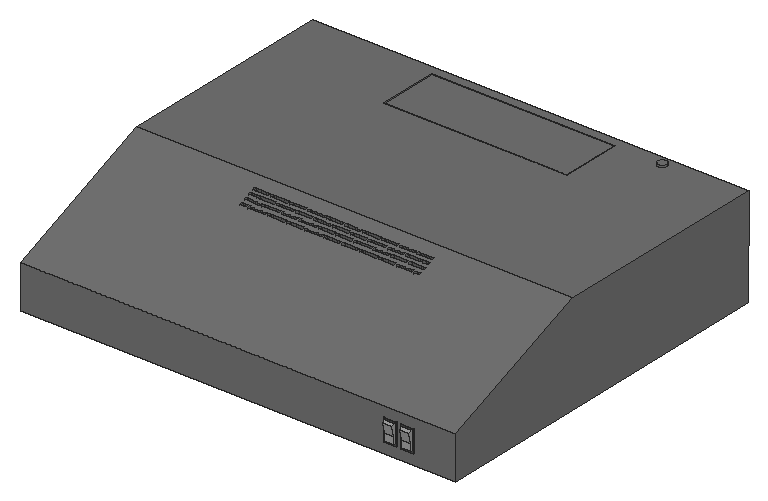
Revit family "Qf_Summit_HC24BB_Under Cabinet Convertible Range Hood", category Specialty Equipment, Revit 2020
Family settings
  Round Connector Dimension = Use Diameter
  Part Type = Normal
  Work Plane-Based = No
  Always vertical = Yes
  Cut with Voids When Loaded = No
  Shared = No
  Room Calculation Point = No
Parameters
  Weight in Pounds = 12
  Watts = if(Phase = 3, Volts * FL Amps * 1.73, Volts * FL Amps)  # 195.5 W
  Volts = 115 V
  URL Cutsheet = ""
  Specification by User = ""
  Specification by Manufacturer = ""
  Serial Number = ""
  Seismic Rating = ""
  SMACNA No = ""
  Revision Code = ""
  Phase = 1
  Number of Poles = 1
  NAFEM Spec ID Number = ""
  Model = "HC24BB"
  Min Ckt Ampacity = 0 A
  Max Overcurrent Protection = 0 A
  Masterspec = ""
  Manufacturer = "Summit"
  MU Air Volume = 200 CFM
  MU Air Vent Width = 0"
  MU Air Vent Diameter = 0"
  MU Air Vent Depth = 0"
  MU Air Static Press = 0.00 in-wg
  MU Air RI Height = 0"
  Length = 23.88"
  Item Number = ""
  Installed By = ""
  Identify Quantity as Lot = yes
  Height = 5 1/2"
  HP = ""
  Furnished By = ""
  Foodservice Equipment Identifier = yes
  FL Amps = 1.7 A
  Exhaust Volume = 0 CFM
  Exhaust Vent Width = 0"
  Exhaust Vent Diameter = 0"
  Exhaust Vent Depth = 0"
  Exhaust Static Press = 0.00 in-wg
  Exhaust RI Height = 0"
  Electrical Remarks = ""
  Electric Connection Type = ""
  Elec Conn RI Height = 0"
  Elec Conn Connection Height = 0"
  Description = "Under Cabinet Convertible Range Hood"
  Depth = 20"
  Default Elevation = 0"
  Cycle = 60 Hz
  Conn Plug = ""
  Conn Conduit = yes
  CSI MasterFormat = ""
  Apparent Power = if(Phase = 3, Volts * FL Amps * 1.73, Volts * FL Amps)  # 195.5 VA
Reference planes (in)
  plane 1 "BACK": y = 0
  plane 2: z = 0
  plane 3 "LEFT": x = 0
  plane 4 "RIGHT": x = 23.88
  plane 5 "FRONT": y = -20
  plane 6 "TOP": z = 5.5
  plane 7 "Center Y": x = 11.94
  plane 8 "Center X": y = -10
  plane 9: z = 2.375
  plane 10: y = -12
  plane 11: x = 6.315
  plane 12: x = 17.565
  plane 13: x = 19.565
  plane 14: y = -14
  plane 15: x = 1.5
  plane 16: x = 22.38
  plane 17: z = 5.25339
  plane 18: z = 4.76922
  plane 19: y = -0.5
  plane 20: y = -3.75
  plane 21: y = -7.25
  plane 22: x = 6.94
  plane 23: x = 16.94
Forms (in)
  Extrusion 1, solid, material "QF_Plastic_Dark_Grey"
    sketch origin (0, 0, 0) x (0, 1, 0) y (0, 0, 1)
      loop
        line (-20, 2.375) -> (-20, 0) -> (0, 0) -> (0, 5.5) -> (-12, 5.5) -> (-20, 2.375)
    from 0 to 1.5
  Extrusion 2, solid, material "QF_Plastic_Dark_Grey"
    sketch origin (0, 0, 0) x (0, 1, 0) y (0, 0, 1)
      loop
        line (0, 5.5) -> (-12, 5.5) -> (-20, 2.375) -> (-20, 0) -> (-14, 0) -> (-14, 4.18196) -> (-10.81598, 5.42572) -> (-0.5, 5.42572) -> (-0.5, 0) -> (0, 0) -> (0, 5.5)
    from 0 to 23.88
  Extrusion 3, solid, material "QF_Plastic_Dark_Grey"
    sketch origin (23.88, 0, 0) x (0, 1, 0) y (0, 0, -1)
      loop
        line (-20, -2.375) -> (-12, -5.5) -> (0, -5.5) -> (0, 0) -> (-20, 0) -> (-20, -2.375)
    from 0 to 1.5
  Extrusion 4, void
    sketch origin (0, -20, 2.375) x (0, -0.931457, -0.363851) y (-1, 0, 0)
      loop
        line (-7.90626, -7.01362) -> (-7.90626, -7.76633)
        arc (-7.90626, -7.76633) -> (-7.83306, -7.83953) -> (-7.75986, -7.76633) r 0.0732
        line (-7.75986, -7.76633) -> (-7.75986, -7.01362)
        arc (-7.75986, -7.01362) -> (-7.83306, -6.94042) -> (-7.90626, -7.01362) r 0.0732
      loop
        line (-7.59983, -7.01362) -> (-7.59983, -7.24289)
        arc (-7.59983, -7.24289) -> (-7.52663, -7.31609) -> (-7.45343, -7.24289) r 0.0732
        line (-7.45343, -7.24289) -> (-7.45343, -7.01362)
        arc (-7.45343, -7.01362) -> (-7.52663, -6.94042) -> (-7.59983, -7.01362) r 0.0732
      loop
        line (-7.28302, -7.01362) -> (-7.28302, -7.76633)
        arc (-7.28302, -7.76633) -> (-7.20982, -7.83953) -> (-7.13663, -7.76633) r 0.0732
        line (-7.13663, -7.76633) -> (-7.13663, -7.01362)
        arc (-7.13663, -7.01362) -> (-7.20982, -6.94042) -> (-7.28302, -7.01362) r 0.0732
      loop
        line (-6.9465, -7.01362) -> (-6.9465, -7.24289)
        arc (-6.9465, -7.24289) -> (-6.8733, -7.31609) -> (-6.8001, -7.24289) r 0.0732
        line (-6.8001, -7.24289) -> (-6.8001, -7.01362)
        arc (-6.8001, -7.01362) -> (-6.8733, -6.94042) -> (-6.9465, -7.01362) r 0.0732
      loop
        line (-7.90626, -7.96555) -> (-7.90626, -8.82763)
        arc (-7.90626, -8.82763) -> (-7.83306, -8.90083) -> (-7.75986, -8.82763) r 0.0732
        line (-7.75986, -8.82763) -> (-7.75986, -7.96555)
        arc (-7.75986, -7.96555) -> (-7.83306, -7.89235) -> (-7.90626, -7.96555) r 0.0732
      loop
        line (-7.28302, -7.96555) -> (-7.28302, -8.82763)
        arc (-7.28302, -8.82763) -> (-7.20982, -8.90083) -> (-7.13663, -8.82763) r 0.0732
        line (-7.13663, -8.82763) -> (-7.13663, -7.96555)
        arc (-7.13663, -7.96555) -> (-7.20982, -7.89235) -> (-7.28302, -7.96555) r 0.0732
      loop
        line (-7.59983, -7.44954) -> (-7.59983, -8.31162)
        arc (-7.59983, -8.31162) -> (-7.52663, -8.38482) -> (-7.45343, -8.31162) r 0.0732
        line (-7.45343, -8.31162) -> (-7.45343, -7.44954)
        arc (-7.45343, -7.44954) -> (-7.52663, -7.37634) -> (-7.59983, -7.44954) r 0.0732
      loop
        line (-6.94931, -7.44954) -> (-6.94931, -8.31162)
        arc (-6.94931, -8.31162) -> (-6.87611, -8.38482) -> (-6.80291, -8.31162) r 0.0732
        line (-6.80291, -8.31162) -> (-6.80291, -7.44954)
        arc (-6.80291, -7.44954) -> (-6.87611, -7.37634) -> (-6.94931, -7.44954) r 0.0732
      loop
        line (-7.90626, -9.02338) -> (-7.90626, -9.77608)
        arc (-7.90626, -9.77608) -> (-7.83306, -9.84928) -> (-7.75986, -9.77608) r 0.0732
        line (-7.75986, -9.77608) -> (-7.75986, -9.02338)
        arc (-7.75986, -9.02338) -> (-7.83306, -8.95018) -> (-7.90626, -9.02338) r 0.0732
      loop
        line (-7.28302, -9.02338) -> (-7.28302, -9.77608)
        arc (-7.28302, -9.77608) -> (-7.20982, -9.84928) -> (-7.13663, -9.77608) r 0.0732
        line (-7.13663, -9.77608) -> (-7.13663, -9.02338)
        arc (-7.13663, -9.02338) -> (-7.20982, -8.95018) -> (-7.28302, -9.02338) r 0.0732
      loop
        line (-7.59983, -8.50736) -> (-7.59983, -9.36945)
        arc (-7.59983, -9.36945) -> (-7.52663, -9.44265) -> (-7.45343, -9.36945) r 0.0732
        line (-7.45343, -9.36945) -> (-7.45343, -8.50736)
        arc (-7.45343, -8.50736) -> (-7.52663, -8.43417) -> (-7.59983, -8.50736) r 0.0732
      loop
        line (-6.94931, -8.50736) -> (-6.94931, -9.36945)
        arc (-6.94931, -9.36945) -> (-6.87611, -9.44265) -> (-6.80291, -9.36945) r 0.0732
        line (-6.80291, -9.36945) -> (-6.80291, -8.50736)
        arc (-6.80291, -8.50736) -> (-6.87611, -8.43417) -> (-6.94931, -8.50736) r 0.0732
      loop
        line (-7.90626, -9.9968) -> (-7.90626, -10.85888)
        arc (-7.90626, -10.85888) -> (-7.83306, -10.93208) -> (-7.75986, -10.85888) r 0.0732
        line (-7.75986, -10.85888) -> (-7.75986, -9.9968)
        arc (-7.75986, -9.9968) -> (-7.83306, -9.9236) -> (-7.90626, -9.9968) r 0.0732
      loop
        line (-7.28302, -9.9968) -> (-7.28302, -10.85888)
        arc (-7.28302, -10.85888) -> (-7.20982, -10.93208) -> (-7.13663, -10.85888) r 0.0732
        line (-7.13663, -10.85888) -> (-7.13663, -9.9968)
        arc (-7.13663, -9.9968) -> (-7.20982, -9.9236) -> (-7.28302, -9.9968) r 0.0732
      loop
        line (-7.59983, -9.57454) -> (-7.59983, -10.34287)
        arc (-7.59983, -10.34287) -> (-7.52663, -10.41607) -> (-7.45343, -10.34287) r 0.0732
        line (-7.45343, -10.34287) -> (-7.45343, -9.57454)
        arc (-7.45343, -9.57454) -> (-7.52663, -9.50134) -> (-7.59983, -9.57454) r 0.0732
      loop
        line (-6.94931, -9.57454) -> (-6.94931, -10.34287)
        arc (-6.94931, -10.34287) -> (-6.87611, -10.41607) -> (-6.80291, -10.34287) r 0.0732
        line (-6.80291, -10.34287) -> (-6.80291, -9.57454)
        arc (-6.80291, -9.57454) -> (-6.87611, -9.50134) -> (-6.94931, -9.57454) r 0.0732
      loop
        line (-7.90626, -11.05463) -> (-7.90626, -11.80733)
        arc (-7.90626, -11.80733) -> (-7.83306, -11.88053) -> (-7.75986, -11.80733) r 0.0732
        line (-7.75986, -11.80733) -> (-7.75986, -11.05463)
        arc (-7.75986, -11.05463) -> (-7.83306, -10.98143) -> (-7.90626, -11.05463) r 0.0732
      loop
        line (-7.28302, -11.05463) -> (-7.28302, -11.80733)
        arc (-7.28302, -11.80733) -> (-7.20982, -11.88053) -> (-7.13663, -11.80733) r 0.0732
        line (-7.13663, -11.80733) -> (-7.13663, -11.05463)
        arc (-7.13663, -11.05463) -> (-7.20982, -10.98143) -> (-7.28302, -11.05463) r 0.0732
      loop
        line (-7.59983, -10.53861) -> (-7.59983, -11.4007)
        arc (-7.59983, -11.4007) -> (-7.52663, -11.4739) -> (-7.45343, -11.4007) r 0.0732
        line (-7.45343, -11.4007) -> (-7.45343, -10.53861)
        arc (-7.45343, -10.53861) -> (-7.52663, -10.46542) -> (-7.59983, -10.53861) r 0.0732
      loop
        line (-6.94931, -10.53861) -> (-6.94931, -11.4007)
        arc (-6.94931, -11.4007) -> (-6.87611, -11.4739) -> (-6.80291, -11.4007) r 0.0732
        line (-6.80291, -11.4007) -> (-6.80291, -10.53861)
        arc (-6.80291, -10.53861) -> (-6.87611, -10.46542) -> (-6.94931, -10.53861) r 0.0732
      loop
        line (-7.90626, -12.02338) -> (-7.90626, -12.77608)
        arc (-7.90626, -12.77608) -> (-7.83306, -12.84928) -> (-7.75986, -12.77608) r 0.0732
        line (-7.75986, -12.77608) -> (-7.75986, -12.02338)
        arc (-7.75986, -12.02338) -> (-7.83306, -11.95018) -> (-7.90626, -12.02338) r 0.0732
      loop
        line (-7.28302, -12.02338) -> (-7.28302, -12.77608)
        arc (-7.28302, -12.77608) -> (-7.20982, -12.84928) -> (-7.13663, -12.77608) r 0.0732
        line (-7.13663, -12.77608) -> (-7.13663, -12.02338)
        arc (-7.13663, -12.02338) -> (-7.20982, -11.95018) -> (-7.28302, -12.02338) r 0.0732
      loop
        line (-7.59983, -11.61674) -> (-7.59983, -12.36945)
        arc (-7.59983, -12.36945) -> (-7.52663, -12.44265) -> (-7.45343, -12.36945) r 0.0732
        line (-7.45343, -12.36945) -> (-7.45343, -11.61674)
        arc (-7.45343, -11.61674) -> (-7.52663, -11.54354) -> (-7.59983, -11.61674) r 0.0732
      loop
        line (-6.94931, -11.61674) -> (-6.94931, -12.36945)
        arc (-6.94931, -12.36945) -> (-6.87611, -12.44265) -> (-6.80291, -12.36945) r 0.0732
        line (-6.80291, -12.36945) -> (-6.80291, -11.61674)
        arc (-6.80291, -11.61674) -> (-6.87611, -11.54354) -> (-6.94931, -11.61674) r 0.0732
      loop
        line (-7.90626, -12.9968) -> (-7.90626, -13.85888)
        arc (-7.90626, -13.85888) -> (-7.83306, -13.93208) -> (-7.75986, -13.85888) r 0.0732
        line (-7.75986, -13.85888) -> (-7.75986, -12.9968)
        arc (-7.75986, -12.9968) -> (-7.83306, -12.9236) -> (-7.90626, -12.9968) r 0.0732
      loop
        line (-7.28302, -12.9968) -> (-7.28302, -13.85888)
        arc (-7.28302, -13.85888) -> (-7.20982, -13.93208) -> (-7.13663, -13.85888) r 0.0732
        line (-7.13663, -13.85888) -> (-7.13663, -12.9968)
        arc (-7.13663, -12.9968) -> (-7.20982, -12.9236) -> (-7.28302, -12.9968) r 0.0732
      loop
        line (-7.59983, -12.57454) -> (-7.59983, -13.34287)
        arc (-7.59983, -13.34287) -> (-7.52663, -13.41607) -> (-7.45343, -13.34287) r 0.0732
        line (-7.45343, -13.34287) -> (-7.45343, -12.57454)
        arc (-7.45343, -12.57454) -> (-7.52663, -12.50134) -> (-7.59983, -12.57454) r 0.0732
      loop
        line (-6.94931, -12.57454) -> (-6.94931, -13.34287)
        arc (-6.94931, -13.34287) -> (-6.87611, -13.41607) -> (-6.80291, -13.34287) r 0.0732
        line (-6.80291, -13.34287) -> (-6.80291, -12.57454)
        arc (-6.80291, -12.57454) -> (-6.87611, -12.50134) -> (-6.94931, -12.57454) r 0.0732
      loop
        line (-7.90626, -14.05463) -> (-7.90626, -14.80733)
        arc (-7.90626, -14.80733) -> (-7.83306, -14.88053) -> (-7.75986, -14.80733) r 0.0732
        line (-7.75986, -14.80733) -> (-7.75986, -14.05463)
        arc (-7.75986, -14.05463) -> (-7.83306, -13.98143) -> (-7.90626, -14.05463) r 0.0732
      loop
        line (-7.28302, -14.05463) -> (-7.28302, -14.80733)
        arc (-7.28302, -14.80733) -> (-7.20982, -14.88053) -> (-7.13663, -14.80733) r 0.0732
        line (-7.13663, -14.80733) -> (-7.13663, -14.05463)
        arc (-7.13663, -14.05463) -> (-7.20982, -13.98143) -> (-7.28302, -14.05463) r 0.0732
      loop
        line (-7.59983, -13.53861) -> (-7.59983, -14.4007)
        arc (-7.59983, -14.4007) -> (-7.52663, -14.4739) -> (-7.45343, -14.4007) r 0.0732
        line (-7.45343, -14.4007) -> (-7.45343, -13.53861)
        arc (-7.45343, -13.53861) -> (-7.52663, -13.46542) -> (-7.59983, -13.53861) r 0.0732
      loop
        line (-6.94931, -13.53861) -> (-6.94931, -14.4007)
        arc (-6.94931, -14.4007) -> (-6.87611, -14.4739) -> (-6.80291, -14.4007) r 0.0732
        line (-6.80291, -14.4007) -> (-6.80291, -13.53861)
        arc (-6.80291, -13.53861) -> (-6.87611, -13.46542) -> (-6.94931, -13.53861) r 0.0732
      loop
        line (-7.90626, -15.02338) -> (-7.90626, -15.77608)
        arc (-7.90626, -15.77608) -> (-7.83306, -15.84928) -> (-7.75986, -15.77608) r 0.0732
        line (-7.75986, -15.77608) -> (-7.75986, -15.02338)
        arc (-7.75986, -15.02338) -> (-7.83306, -14.95018) -> (-7.90626, -15.02338) r 0.0732
      loop
        line (-7.28302, -15.02338) -> (-7.28302, -15.77608)
        arc (-7.28302, -15.77608) -> (-7.20982, -15.84928) -> (-7.13663, -15.77608) r 0.0732
        line (-7.13663, -15.77608) -> (-7.13663, -15.02338)
        arc (-7.13663, -15.02338) -> (-7.20982, -14.95018) -> (-7.28302, -15.02338) r 0.0732
      loop
        line (-7.59983, -14.62665) -> (-7.59983, -15.36945)
        arc (-7.59983, -15.36945) -> (-7.52663, -15.44265) -> (-7.45343, -15.36945) r 0.0732
        line (-7.45343, -15.36945) -> (-7.45343, -14.62665)
        arc (-7.45343, -14.62665) -> (-7.52663, -14.55345) -> (-7.59983, -14.62665) r 0.0732
      loop
        line (-6.94931, -14.6001) -> (-6.94931, -15.36945)
        arc (-6.94931, -15.36945) -> (-6.87611, -15.44265) -> (-6.80291, -15.36945) r 0.0732
        line (-6.80291, -15.36945) -> (-6.80291, -14.6001)
        arc (-6.80291, -14.6001) -> (-6.87611, -14.5269) -> (-6.94931, -14.6001) r 0.0732
      loop
        line (-7.59983, -15.57454) -> (-7.59983, -16.34287)
        arc (-7.59983, -16.34287) -> (-7.52663, -16.41607) -> (-7.45343, -16.34287) r 0.0732
        line (-7.45343, -16.34287) -> (-7.45343, -15.57454)
        arc (-7.45343, -15.57454) -> (-7.52663, -15.50134) -> (-7.59983, -15.57454) r 0.0732
      loop
        line (-6.94931, -15.57454) -> (-6.94931, -16.34287)
        arc (-6.94931, -16.34287) -> (-6.87611, -16.41607) -> (-6.80291, -16.34287) r 0.0732
        line (-6.80291, -16.34287) -> (-6.80291, -15.57454)
        arc (-6.80291, -15.57454) -> (-6.87611, -15.50134) -> (-6.94931, -15.57454) r 0.0732
      loop
        line (-7.90626, -15.99213) -> (-7.90626, -16.74483)
        arc (-7.90626, -16.74483) -> (-7.83306, -16.81803) -> (-7.75986, -16.74483) r 0.0732
        line (-7.75986, -16.74483) -> (-7.75986, -15.99213)
        arc (-7.75986, -15.99213) -> (-7.83306, -15.91893) -> (-7.90626, -15.99213) r 0.0732
      loop
        line (-7.28302, -15.99213) -> (-7.28302, -16.74483)
        arc (-7.28302, -16.74483) -> (-7.20982, -16.81803) -> (-7.13663, -16.74483) r 0.0732
        line (-7.13663, -16.74483) -> (-7.13663, -15.99213)
        arc (-7.13663, -15.99213) -> (-7.20982, -15.91893) -> (-7.28302, -15.99213) r 0.0732
      loop
        line (-7.59983, -16.54576) -> (-7.59983, -16.75159)
        arc (-7.59983, -16.75159) -> (-7.52663, -16.82479) -> (-7.45343, -16.75159) r 0.0732
        line (-7.45343, -16.75159) -> (-7.45343, -16.54576)
        arc (-7.45343, -16.54576) -> (-7.52663, -16.47256) -> (-7.59983, -16.54576) r 0.0732
      loop
        line (-6.94931, -16.54576) -> (-6.94931, -16.75159)
        arc (-6.94931, -16.75159) -> (-6.87611, -16.82479) -> (-6.80291, -16.75159) r 0.0732
        line (-6.80291, -16.75159) -> (-6.80291, -16.54576)
        arc (-6.80291, -16.54576) -> (-6.87611, -16.47256) -> (-6.94931, -16.54576) r 0.0732
    from 0 to 0.5
  Extrusion 5, solid, material "QF_Plastic_Dark_Grey"
    sketch origin (0, 0, 0) x (1, 0, 0) y (0, 1, 0)
      loop
        arc (8.44, -3.75) -> (11.94, -7.25) -> (15.44, -3.75) r 3.5
        line (15.44, -3.75) -> (8.44, -3.75)
    from 2.375 to 5.42572
  Extrusion 6, solid, material "QF_Plastic_Dark_Grey"
    sketch origin (0, 0, 0) x (1, 0, 0) y (0, 1, 0)
      loop
        line (6.94, -0.5) -> (6.94, -3.75) -> (16.94, -3.75) -> (16.94, -0.5) -> (6.94, -0.5)
      loop
        line (7.19, -3.5) -> (16.69, -3.5) -> (16.69, -0.75) -> (7.19, -0.75) -> (7.19, -3.5)
    from 2.375 to 5.42572
  Extrusion 7, solid, material "QF_Plastic_Dark_Grey"
    sketch origin (0, 0, 0) x (1, 0, 0) y (0, 1, 0)
      loop
        line (6.315, -0.5) -> (6.315, -14) -> (17.565, -14) -> (17.565, -0.5) -> (6.315, -0.5)
      loop
        line (6.565, -13.75) -> (17.315, -13.75) -> (17.315, -0.75) -> (6.565, -0.75) -> (6.565, -13.75)
    from 2.375 to 5
  Extrusion 8, void
    sketch origin (23.88, 0, 0) x (0, -1, 0) y (0, 0, 1)
      loop
        line (10.81598, 5.42572) -> (14, 4.18196) -> (14.15581, 4.18196) -> (14.15581, 5.58943) -> (10.81598, 5.58943) -> (10.81598, 5.42572)
    from 6.315 to 17.565
  Extrusion 9, void
    sketch origin (0, 0, 2.375) x (1, 0, 0) y (0, 1, 0)
      loop
        line (16.94, -3.75) -> (16.94, -0.5) -> (6.94, -0.5) -> (6.94, -3.75) -> (16.94, -3.75)
    from 3.05072 to 3.125
  Extrusion 10, solid, material "QF_Plastic_Dark_Grey"
    sketch origin (0, -12, 5.5) x (0, 1, 0) y (-1, 0, 0)
      loop
        line (8.25, -6.94) -> (8.25, -16.94) -> (11.5, -16.94) -> (11.5, -6.94) -> (8.25, -6.94)
    from 0 to -0.07428
  Extrusion 11, solid, material "QF_Plastic_Dark_Grey"
    sketch origin (0, 0, 0) x (1, 0, 0) y (0, 1, 0)
      loop
        circle (19.565, -0.5) r 0.25
    from 5.5 to 5.57173
  Extrusion 12, solid, material "QF_Plastic_Epoxy_Black"
    sketch origin (0, -20, 0) x (0, 0, 1) y (-1, 0, 0)
      loop
        line (1.78125, -21.57157) -> (1.78125, -20.86312) -> (0.59375, -20.86312) -> (0.59375, -21.57157) -> (1.78125, -21.57157)
      loop
        line (1.78125, -20.63407) -> (1.78125, -19.92562) -> (0.59375, -19.92562) -> (0.59375, -20.63407) -> (1.78125, -20.63407)
    from 0 to 0.04539
  Extrusion 13, solid, material "QF_Plastic_Gray"
    sketch origin (24.70813, 0, 0) x (0, 1, 0) y (0, 0, 1)
      loop
        line (-20.04539, 1.70684) -> (-20.22258, 1.62421) -> (-20.09635, 1.07743) -> (-20.09635, 0.69669) -> (-20.04539, 0.69669) -> (-20.04539, 1.70684)
    from -3.74849 to -3.22316
  Extrusion 14, solid, material "QF_Plastic_Gray"
    sketch origin (23.77062, 0, 0) x (0, 1, 0) y (0, 0, 1)
      loop
        line (-20.04539, 1.70684) -> (-20.22258, 1.62421) -> (-20.09635, 1.07743) -> (-20.09635, 0.69669) -> (-20.04539, 0.69669) -> (-20.04539, 1.70684)
    from -3.74849 to -3.22316
Cuts and joins
  Extrusion 4, Extrusion 8, Extrusion 9 cuts Extrusion 1
  Extrusion 4, Extrusion 9 cuts Extrusion 2
  Extrusion 4, Extrusion 8, Extrusion 9 cuts Extrusion 3
  Extrusion 9 cuts Extrusion 6
  Extrusion 8, Extrusion 9 cuts Extrusion 7
  joined: Extrusion 1, Extrusion 2, Extrusion 3, Extrusion 5, Extrusion 6, Extrusion 7
Lines and regions (in)
  symbolic lines
    curve 1: line (0, 0, 0) -> (0, -20, 0)
    curve 2: line (0, -12, 0) -> (23.88, -12, 0)
    curve 3: line (23.88, -20, 0) -> (23.88, 0, 0)
    curve 4: line (23.88, 0, 0) -> (0, 0, 0)
    curve 5: line (0, -20, 0) -> (23.88, -20, 0)
    curve 6: line (7.01362, -12.63566, 0) -> (7.76633, -12.63566, 0)
    curve 7: spline (7.76633, -12.63566, 0) -> (7.78527, -12.63798, 0) -> (7.80293, -12.6448, 0) -> (7.81809, -12.65563, 0) -> (7.82972, -12.66975, 0) -> (7.83703, -12.6862, 0) -> (7.83953, -12.70384, 0) -> (7.83703, -12.72149, 0) -> (7.82972, -12.73793, 0) -> (7.81809, -12.75205, 0) -> (7.80293, -12.76289, 0) -> (7.78527, -12.7697, 0) -> (7.76633, -12.77202, 0)
    curve 8: line (7.76633, -12.77202, 0) -> (7.01362, -12.77202, 0)
    curve 9: spline (7.01362, -12.77202, 0) -> (6.99468, -12.7697, 0) -> (6.97702, -12.76289, 0) -> (6.96186, -12.75205, 0) -> (6.95023, -12.73793, 0) -> (6.94292, -12.72149, 0) -> (6.94042, -12.70384, 0) -> (6.94292, -12.6862, 0) -> (6.95023, -12.66975, 0) -> (6.96186, -12.65563, 0) -> (6.97702, -12.6448, 0) -> (6.99468, -12.63798, 0) -> (7.01362, -12.63566, 0)
    curve 10: spline (7.24289, -12.92108, 0) -> (7.26184, -12.9234, 0) -> (7.27949, -12.93022, 0) -> (7.29465, -12.94105, 0) -> (7.30628, -12.95517, 0) -> (7.3136, -12.97162, 0) -> (7.31609, -12.98926, 0) -> (7.3136, -13.00691, 0) -> (7.30628, -13.02335, 0) -> (7.29465, -13.03747, 0) -> (7.27949, -13.04831, 0) -> (7.26184, -13.05512, 0) -> (7.24289, -13.05744, 0)
    curve 11: line (7.24289, -13.05744, 0) -> (7.01362, -13.05744, 0)
    curve 12: spline (7.01362, -13.05744, 0) -> (6.99468, -13.05512, 0) -> (6.97702, -13.04831, 0) -> (6.96186, -13.03747, 0) -> (6.95023, -13.02335, 0) -> (6.94292, -13.00691, 0) -> (6.94042, -12.98926, 0) -> (6.94292, -12.97162, 0) -> (6.95023, -12.95517, 0) -> (6.96186, -12.94105, 0) -> (6.97702, -12.93022, 0) -> (6.99468, -12.9234, 0) -> (7.01362, -12.92108, 0)
    curve 13: line (7.01362, -12.92108, 0) -> (7.24289, -12.92108, 0)
    curve 14: line (7.01362, -13.21617, 0) -> (7.76633, -13.21617, 0)
    curve 15: spline (7.76633, -13.21617, 0) -> (7.78527, -13.2185, 0) -> (7.80293, -13.22531, 0) -> (7.81809, -13.23614, 0) -> (7.82972, -13.25027, 0) -> (7.83703, -13.26671, 0) -> (7.83953, -13.28436, 0) -> (7.83703, -13.302, 0) -> (7.82972, -13.31845, 0) -> (7.81809, -13.33257, 0) -> (7.80293, -13.3434, 0) -> (7.78527, -13.35021, 0) -> (7.76633, -13.35254, 0)
    curve 16: line (7.76633, -13.35254, 0) -> (7.01362, -13.35254, 0)
    curve 17: spline (7.01362, -13.35254, 0) -> (6.99468, -13.35021, 0) -> (6.97702, -13.3434, 0) -> (6.96186, -13.33257, 0) -> (6.95023, -13.31845, 0) -> (6.94292, -13.302, 0) -> (6.94042, -13.28436, 0) -> (6.94292, -13.26671, 0) -> (6.95023, -13.25027, 0) -> (6.96186, -13.23614, 0) -> (6.97702, -13.22531, 0) -> (6.99468, -13.2185, 0) -> (7.01362, -13.21617, 0)
    curve 18: spline (7.24289, -13.52963, 0) -> (7.26184, -13.53196, 0) -> (7.27949, -13.53877, 0) -> (7.29465, -13.5496, 0) -> (7.30628, -13.56372, 0) -> (7.3136, -13.58017, 0) -> (7.31609, -13.59781, 0) -> (7.3136, -13.61546, 0) -> (7.30628, -13.6319, 0) -> (7.29465, -13.64603, 0) -> (7.27949, -13.65686, 0) -> (7.26184, -13.66367, 0) -> (7.24289, -13.666, 0)
    curve 19: line (7.24289, -13.666, 0) -> (7.01362, -13.666, 0)
    curve 20: spline (7.01362, -13.666, 0) -> (6.99468, -13.66367, 0) -> (6.97702, -13.65686, 0) -> (6.96186, -13.64603, 0) -> (6.95023, -13.6319, 0) -> (6.94292, -13.61546, 0) -> (6.94042, -13.59781, 0) -> (6.94292, -13.58017, 0) -> (6.95023, -13.56372, 0) -> (6.96186, -13.5496, 0) -> (6.97702, -13.53877, 0) -> (6.99468, -13.53196, 0) -> (7.01362, -13.52963, 0)
    curve 21: line (7.01362, -13.52963, 0) -> (7.24289, -13.52963, 0)
    curve 22: line (7.44954, -13.52702, 0) -> (8.31162, -13.52702, 0)
    curve 23: spline (8.31162, -13.52702, 0) -> (8.33056, -13.52934, 0) -> (8.34822, -13.53615, 0) -> (8.36338, -13.54699, 0) -> (8.37501, -13.56111, 0) -> (8.38232, -13.57755, 0) -> (8.38482, -13.5952, 0) -> (8.38232, -13.61285, 0) -> (8.37501, -13.62929, 0) -> (8.36338, -13.64341, 0) -> (8.34822, -13.65425, 0) -> (8.33056, -13.66106, 0) -> (8.31162, -13.66338, 0)
    curve 24: line (8.31162, -13.66338, 0) -> (7.44954, -13.66338, 0)
    curve 25: spline (7.44954, -13.66338, 0) -> (7.43059, -13.66106, 0) -> (7.41294, -13.65425, 0) -> (7.39778, -13.64341, 0) -> (7.38614, -13.62929, 0) -> (7.37883, -13.61285, 0) -> (7.37634, -13.5952, 0) -> (7.37883, -13.57755, 0) -> (7.38614, -13.56111, 0) -> (7.39778, -13.54699, 0) -> (7.41294, -13.53615, 0) -> (7.43059, -13.52934, 0) -> (7.44954, -13.52702, 0)
    curve 26: line (8.31162, -13.05744, 0) -> (7.44954, -13.05744, 0)
    curve 27: spline (7.44954, -13.05744, 0) -> (7.43059, -13.05512, 0) -> (7.41294, -13.04831, 0) -> (7.39778, -13.03747, 0) -> (7.38614, -13.02335, 0) -> (7.37883, -13.00691, 0) -> (7.37634, -12.98926, 0) -> (7.37883, -12.97162, 0) -> (7.38614, -12.95517, 0) -> (7.39778, -12.94105, 0) -> (7.41294, -12.93022, 0) -> (7.43059, -12.9234, 0) -> (7.44954, -12.92108, 0)
    curve 28: line (7.44954, -12.92108, 0) -> (8.31162, -12.92108, 0)
    curve 29: spline (8.31162, -12.92108, 0) -> (8.33056, -12.9234, 0) -> (8.34822, -12.93022, 0) -> (8.36338, -12.94105, 0) -> (8.37501, -12.95517, 0) -> (8.38232, -12.97162, 0) -> (8.38482, -12.98926, 0) -> (8.38232, -13.00691, 0) -> (8.37501, -13.02335, 0) -> (8.36338, -13.03747, 0) -> (8.34822, -13.04831, 0) -> (8.33056, -13.05512, 0) -> (8.31162, -13.05744, 0)
    curve 30: line (8.82763, -12.77202, 0) -> (7.96555, -12.77202, 0)
    curve 31: spline (7.96555, -12.77202, 0) -> (7.9466, -12.7697, 0) -> (7.92895, -12.76289, 0) -> (7.91379, -12.75205, 0) -> (7.90216, -12.73793, 0) -> (7.89484, -12.72149, 0) -> (7.89235, -12.70384, 0) -> (7.89484, -12.6862, 0) -> (7.90216, -12.66975, 0) -> (7.91379, -12.65563, 0) -> (7.92895, -12.6448, 0) -> (7.9466, -12.63798, 0) -> (7.96555, -12.63566, 0)
    curve 32: line (7.96555, -12.63566, 0) -> (8.82763, -12.63566, 0)
    curve 33: spline (8.82763, -12.63566, 0) -> (8.84657, -12.63798, 0) -> (8.86423, -12.6448, 0) -> (8.87939, -12.65563, 0) -> (8.89102, -12.66975, 0) -> (8.89833, -12.6862, 0) -> (8.90083, -12.70384, 0) -> (8.89833, -12.72149, 0) -> (8.89102, -12.73793, 0) -> (8.87939, -12.75205, 0) -> (8.86423, -12.76289, 0) -> (8.84657, -12.7697, 0) -> (8.82763, -12.77202, 0)
    curve 34: line (8.50736, -12.92108, 0) -> (9.36945, -12.92108, 0)
    curve 35: spline (9.36945, -12.92108, 0) -> (9.38839, -12.9234, 0) -> (9.40605, -12.93022, 0) -> (9.42121, -12.94105, 0) -> (9.43284, -12.95517, 0) -> (9.44015, -12.97162, 0) -> (9.44265, -12.98926, 0) -> (9.44015, -13.00691, 0) -> (9.43284, -13.02335, 0) -> (9.42121, -13.03747, 0) -> (9.40605, -13.04831, 0) -> (9.38839, -13.05512, 0) -> (9.36945, -13.05744, 0)
    curve 36: line (9.36945, -13.05744, 0) -> (8.50736, -13.05744, 0)
    curve 37: spline (8.50736, -13.05744, 0) -> (8.48842, -13.05512, 0) -> (8.47076, -13.04831, 0) -> (8.4556, -13.03747, 0) -> (8.44397, -13.02335, 0) -> (8.43666, -13.00691, 0) -> (8.43417, -12.98926, 0) -> (8.43666, -12.97162, 0) -> (8.44397, -12.95517, 0) -> (8.4556, -12.94105, 0) -> (8.47076, -12.93022, 0) -> (8.48842, -12.9234, 0) -> (8.50736, -12.92108, 0)
    curve 38: line (7.96555, -13.21617, 0) -> (8.82763, -13.21617, 0)
    curve 39: spline (8.82763, -13.21617, 0) -> (8.84657, -13.2185, 0) -> (8.86423, -13.22531, 0) -> (8.87939, -13.23614, 0) -> (8.89102, -13.25027, 0) -> (8.89833, -13.26671, 0) -> (8.90083, -13.28436, 0) -> (8.89833, -13.302, 0) -> (8.89102, -13.31845, 0) -> (8.87939, -13.33257, 0) -> (8.86423, -13.3434, 0) -> (8.84657, -13.35021, 0) -> (8.82763, -13.35254, 0)
    curve 40: line (8.82763, -13.35254, 0) -> (7.96555, -13.35254, 0)
    curve 41: spline (7.96555, -13.35254, 0) -> (7.9466, -13.35021, 0) -> (7.92895, -13.3434, 0) -> (7.91379, -13.33257, 0) -> (7.90216, -13.31845, 0) -> (7.89484, -13.302, 0) -> (7.89235, -13.28436, 0) -> (7.89484, -13.26671, 0) -> (7.90216, -13.25027, 0) -> (7.91379, -13.23614, 0) -> (7.92895, -13.22531, 0) -> (7.9466, -13.2185, 0) -> (7.96555, -13.21617, 0)
    curve 42: line (8.50736, -13.52702, 0) -> (9.36945, -13.52702, 0)
    curve 43: spline (9.36945, -13.52702, 0) -> (9.38839, -13.52934, 0) -> (9.40605, -13.53615, 0) -> (9.42121, -13.54699, 0) -> (9.43284, -13.56111, 0) -> (9.44015, -13.57755, 0) -> (9.44265, -13.5952, 0) -> (9.44015, -13.61285, 0) -> (9.43284, -13.62929, 0) -> (9.42121, -13.64341, 0) -> (9.40605, -13.65425, 0) -> (9.38839, -13.66106, 0) -> (9.36945, -13.66338, 0)
    curve 44: line (9.36945, -13.66338, 0) -> (8.50736, -13.66338, 0)
    curve 45: spline (8.50736, -13.66338, 0) -> (8.48842, -13.66106, 0) -> (8.47076, -13.65425, 0) -> (8.4556, -13.64341, 0) -> (8.44397, -13.62929, 0) -> (8.43666, -13.61285, 0) -> (8.43417, -13.5952, 0) -> (8.43666, -13.57755, 0) -> (8.44397, -13.56111, 0) -> (8.4556, -13.54699, 0) -> (8.47076, -13.53615, 0) -> (8.48842, -13.52934, 0) -> (8.50736, -13.52702, 0)
    curve 46: line (9.02338, -13.21617, 0) -> (9.77608, -13.21617, 0)
    curve 47: spline (9.77608, -13.21617, 0) -> (9.79503, -13.2185, 0) -> (9.81268, -13.22531, 0) -> (9.82784, -13.23614, 0) -> (9.83948, -13.25027, 0) -> (9.84679, -13.26671, 0) -> (9.84928, -13.28436, 0) -> (9.84679, -13.302, 0) -> (9.83948, -13.31845, 0) -> (9.82784, -13.33257, 0) -> (9.81268, -13.3434, 0) -> (9.79503, -13.35021, 0) -> (9.77608, -13.35254, 0)
    curve 48: line (9.77608, -13.35254, 0) -> (9.02338, -13.35254, 0)
    curve 49: spline (9.02338, -13.35254, 0) -> (9.00443, -13.35021, 0) -> (8.98678, -13.3434, 0) -> (8.97162, -13.33257, 0) -> (8.95998, -13.31845, 0) -> (8.95267, -13.302, 0) -> (8.95018, -13.28436, 0) -> (8.95267, -13.26671, 0) -> (8.95998, -13.25027, 0) -> (8.97162, -13.23614, 0) -> (8.98678, -13.22531, 0) -> (9.00443, -13.2185, 0) -> (9.02338, -13.21617, 0)
    curve 50: line (9.77608, -12.77202, 0) -> (9.02338, -12.77202, 0)
    curve 51: spline (9.02338, -12.77202, 0) -> (9.00443, -12.7697, 0) -> (8.98678, -12.76289, 0) -> (8.97162, -12.75205, 0) -> (8.95998, -12.73793, 0) -> (8.95267, -12.72149, 0) -> (8.95018, -12.70384, 0) -> (8.95267, -12.6862, 0) -> (8.95998, -12.66975, 0) -> (8.97162, -12.65563, 0) -> (8.98678, -12.6448, 0) -> (9.00443, -12.63798, 0) -> (9.02338, -12.63566, 0)
    curve 52: line (9.02338, -12.63566, 0) -> (9.77608, -12.63566, 0)
    curve 53: spline (9.77608, -12.63566, 0) -> (9.79503, -12.63798, 0) -> (9.81268, -12.6448, 0) -> (9.82784, -12.65563, 0) -> (9.83948, -12.66975, 0) -> (9.84679, -12.6862, 0) -> (9.84928, -12.70384, 0) -> (9.84679, -12.72149, 0) -> (9.83948, -12.73793, 0) -> (9.82784, -12.75205, 0) -> (9.81268, -12.76289, 0) -> (9.79503, -12.7697, 0) -> (9.77608, -12.77202, 0)
    curve 54: line (9.57454, -13.52702, 0) -> (10.34287, -13.52702, 0)
    curve 55: spline (10.34287, -13.52702, 0) -> (10.36181, -13.52934, 0) -> (10.37947, -13.53615, 0) -> (10.39463, -13.54699, 0) -> (10.40626, -13.56111, 0) -> (10.41357, -13.57755, 0) -> (10.41607, -13.5952, 0) -> (10.41357, -13.61285, 0) -> (10.40626, -13.62929, 0) -> (10.39463, -13.64341, 0) -> (10.37947, -13.65425, 0) -> (10.36181, -13.66106, 0) -> (10.34287, -13.66338, 0)
    curve 56: line (10.34287, -13.66338, 0) -> (9.57454, -13.66338, 0)
    curve 57: spline (9.57454, -13.66338, 0) -> (9.55559, -13.66106, 0) -> (9.53794, -13.65425, 0) -> (9.52278, -13.64341, 0) -> (9.51114, -13.62929, 0) -> (9.50383, -13.61285, 0) -> (9.50134, -13.5952, 0) -> (9.50383, -13.57755, 0) -> (9.51114, -13.56111, 0) -> (9.52278, -13.54699, 0) -> (9.53794, -13.53615, 0) -> (9.55559, -13.52934, 0) -> (9.57454, -13.52702, 0)
    curve 58: line (10.34287, -13.05744, 0) -> (9.57454, -13.05744, 0)
    curve 59: spline (9.57454, -13.05744, 0) -> (9.55559, -13.05512, 0) -> (9.53794, -13.04831, 0) -> (9.52278, -13.03747, 0) -> (9.51114, -13.02335, 0) -> (9.50383, -13.00691, 0) -> (9.50134, -12.98926, 0) -> (9.50383, -12.97162, 0) -> (9.51114, -12.95517, 0) -> (9.52278, -12.94105, 0) -> (9.53794, -12.93022, 0) -> (9.55559, -12.9234, 0) -> (9.57454, -12.92108, 0)
    curve 60: line (9.57454, -12.92108, 0) -> (10.34287, -12.92108, 0)
    curve 61: spline (10.34287, -12.92108, 0) -> (10.36181, -12.9234, 0) -> (10.37947, -12.93022, 0) -> (10.39463, -12.94105, 0) -> (10.40626, -12.95517, 0) -> (10.41357, -12.97162, 0) -> (10.41607, -12.98926, 0) -> (10.41357, -13.00691, 0) -> (10.40626, -13.02335, 0) -> (10.39463, -13.03747, 0) -> (10.37947, -13.04831, 0) -> (10.36181, -13.05512, 0) -> (10.34287, -13.05744, 0)
    curve 62: line (10.85888, -12.77202, 0) -> (9.9968, -12.77202, 0)
    curve 63: spline (9.9968, -12.77202, 0) -> (9.97785, -12.7697, 0) -> (9.9602, -12.76289, 0) -> (9.94504, -12.75205, 0) -> (9.93341, -12.73793, 0) -> (9.92609, -12.72149, 0) -> (9.9236, -12.70384, 0) -> (9.92609, -12.6862, 0) -> (9.93341, -12.66975, 0) -> (9.94504, -12.65563, 0) -> (9.9602, -12.6448, 0) -> (9.97785, -12.63798, 0) -> (9.9968, -12.63566, 0)
    curve 64: line (9.9968, -12.63566, 0) -> (10.85888, -12.63566, 0)
    curve 65: spline (10.85888, -12.63566, 0) -> (10.87782, -12.63798, 0) -> (10.89548, -12.6448, 0) -> (10.91064, -12.65563, 0) -> (10.92227, -12.66975, 0) -> (10.92958, -12.6862, 0) -> (10.93208, -12.70384, 0) -> (10.92958, -12.72149, 0) -> (10.92227, -12.73793, 0) -> (10.91064, -12.75205, 0) -> (10.89548, -12.76289, 0) -> (10.87782, -12.7697, 0) -> (10.85888, -12.77202, 0)
    curve 66: line (9.9968, -13.21617, 0) -> (10.85888, -13.21617, 0)
    curve 67: spline (10.85888, -13.21617, 0) -> (10.87782, -13.2185, 0) -> (10.89548, -13.22531, 0) -> (10.91064, -13.23614, 0) -> (10.92227, -13.25027, 0) -> (10.92958, -13.26671, 0) -> (10.93208, -13.28436, 0) -> (10.92958, -13.302, 0) -> (10.92227, -13.31845, 0) -> (10.91064, -13.33257, 0) -> (10.89548, -13.3434, 0) -> (10.87782, -13.35021, 0) -> (10.85888, -13.35254, 0)
    curve 68: line (10.85888, -13.35254, 0) -> (9.9968, -13.35254, 0)
    curve 69: spline (9.9968, -13.35254, 0) -> (9.97785, -13.35021, 0) -> (9.9602, -13.3434, 0) -> (9.94504, -13.33257, 0) -> (9.93341, -13.31845, 0) -> (9.92609, -13.302, 0) -> (9.9236, -13.28436, 0) -> (9.92609, -13.26671, 0) -> (9.93341, -13.25027, 0) -> (9.94504, -13.23614, 0) -> (9.9602, -13.22531, 0) -> (9.97785, -13.2185, 0) -> (9.9968, -13.21617, 0)
    curve 70: line (10.53861, -12.92108, 0) -> (11.4007, -12.92108, 0)
    curve 71: spline (11.4007, -12.92108, 0) -> (11.41964, -12.9234, 0) -> (11.4373, -12.93022, 0) -> (11.45246, -12.94105, 0) -> (11.46409, -12.95517, 0) -> (11.4714, -12.97162, 0) -> (11.4739, -12.98926, 0) -> (11.4714, -13.00691, 0) -> (11.46409, -13.02335, 0) -> (11.45246, -13.03747, 0) -> (11.4373, -13.04831, 0) -> (11.41964, -13.05512, 0) -> (11.4007, -13.05744, 0)
    curve 72: line (11.4007, -13.05744, 0) -> (10.53861, -13.05744, 0)
    curve 73: spline (10.53861, -13.05744, 0) -> (10.51967, -13.05512, 0) -> (10.50201, -13.04831, 0) -> (10.48685, -13.03747, 0) -> (10.47522, -13.02335, 0) -> (10.46791, -13.00691, 0) -> (10.46542, -12.98926, 0) -> (10.46791, -12.97162, 0) -> (10.47522, -12.95517, 0) -> (10.48685, -12.94105, 0) -> (10.50201, -12.93022, 0) -> (10.51967, -12.9234, 0) -> (10.53861, -12.92108, 0)
    curve 74: line (11.80733, -12.77202, 0) -> (11.05463, -12.77202, 0)
    curve 75: spline (11.05463, -12.77202, 0) -> (11.03568, -12.7697, 0) -> (11.01803, -12.76289, 0) -> (11.00287, -12.75205, 0) -> (10.99123, -12.73793, 0) -> (10.98392, -12.72149, 0) -> (10.98143, -12.70384, 0) -> (10.98392, -12.6862, 0) -> (10.99123, -12.66975, 0) -> (11.00287, -12.65563, 0) -> (11.01803, -12.6448, 0) -> (11.03568, -12.63798, 0) -> (11.05463, -12.63566, 0)
    curve 76: line (11.05463, -12.63566, 0) -> (11.80733, -12.63566, 0)
    curve 77: spline (11.80733, -12.63566, 0) -> (11.82628, -12.63798, 0) -> (11.84393, -12.6448, 0) -> (11.85909, -12.65563, 0) -> (11.87073, -12.66975, 0) -> (11.87804, -12.6862, 0) -> (11.88053, -12.70384, 0) -> (11.87804, -12.72149, 0) -> (11.87073, -12.73793, 0) -> (11.85909, -12.75205, 0) -> (11.84393, -12.76289, 0) -> (11.82628, -12.7697, 0) -> (11.80733, -12.77202, 0)
    curve 78: line (11.05463, -13.21617, 0) -> (11.80733, -13.21617, 0)
    curve 79: spline (11.80733, -13.21617, 0) -> (11.82628, -13.2185, 0) -> (11.84393, -13.22531, 0) -> (11.85909, -13.23614, 0) -> (11.87073, -13.25027, 0) -> (11.87804, -13.26671, 0) -> (11.88053, -13.28436, 0) -> (11.87804, -13.302, 0) -> (11.87073, -13.31845, 0) -> (11.85909, -13.33257, 0) -> (11.84393, -13.3434, 0) -> (11.82628, -13.35021, 0) -> (11.80733, -13.35254, 0)
    curve 80: line (11.80733, -13.35254, 0) -> (11.05463, -13.35254, 0)
    curve 81: spline (11.05463, -13.35254, 0) -> (11.03568, -13.35021, 0) -> (11.01803, -13.3434, 0) -> (11.00287, -13.33257, 0) -> (10.99123, -13.31845, 0) -> (10.98392, -13.302, 0) -> (10.98143, -13.28436, 0) -> (10.98392, -13.26671, 0) -> (10.99123, -13.25027, 0) -> (11.00287, -13.23614, 0) -> (11.01803, -13.22531, 0) -> (11.03568, -13.2185, 0) -> (11.05463, -13.21617, 0)
    curve 82: line (10.53861, -13.52702, 0) -> (11.4007, -13.52702, 0)
    curve 83: spline (11.4007, -13.52702, 0) -> (11.41964, -13.52934, 0) -> (11.4373, -13.53615, 0) -> (11.45246, -13.54699, 0) -> (11.46409, -13.56111, 0) -> (11.4714, -13.57755, 0) -> (11.4739, -13.5952, 0) -> (11.4714, -13.61285, 0) -> (11.46409, -13.62929, 0) -> (11.45246, -13.64341, 0) -> (11.4373, -13.65425, 0) -> (11.41964, -13.66106, 0) -> (11.4007, -13.66338, 0)
    curve 84: line (11.4007, -13.66338, 0) -> (10.53861, -13.66338, 0)
    curve 85: spline (10.53861, -13.66338, 0) -> (10.51967, -13.66106, 0) -> (10.50201, -13.65425, 0) -> (10.48685, -13.64341, 0) -> (10.47522, -13.62929, 0) -> (10.46791, -13.61285, 0) -> (10.46542, -13.5952, 0) -> (10.46791, -13.57755, 0) -> (10.47522, -13.56111, 0) -> (10.48685, -13.54699, 0) -> (10.50201, -13.53615, 0) -> (10.51967, -13.52934, 0) -> (10.53861, -13.52702, 0)
    curve 86: line (11.61674, -13.52702, 0) -> (12.36945, -13.52702, 0)
    curve 87: spline (12.36945, -13.52702, 0) -> (12.38839, -13.52934, 0) -> (12.40605, -13.53615, 0) -> (12.42121, -13.54699, 0) -> (12.43284, -13.56111, 0) -> (12.44015, -13.57755, 0) -> (12.44265, -13.5952, 0) -> (12.44015, -13.61285, 0) -> (12.43284, -13.62929, 0) -> (12.42121, -13.64341, 0) -> (12.40605, -13.65425, 0) -> (12.38839, -13.66106, 0) -> (12.36945, -13.66338, 0)
    curve 88: line (12.36945, -13.66338, 0) -> (11.61674, -13.66338, 0)
    curve 89: spline (11.61674, -13.66338, 0) -> (11.59779, -13.66106, 0) -> (11.58014, -13.65425, 0) -> (11.56498, -13.64341, 0) -> (11.55335, -13.62929, 0) -> (11.54603, -13.61285, 0) -> (11.54354, -13.5952, 0) -> (11.54603, -13.57755, 0) -> (11.55335, -13.56111, 0) -> (11.56498, -13.54699, 0) -> (11.58014, -13.53615, 0) -> (11.59779, -13.52934, 0) -> (11.61674, -13.52702, 0)
    curve 90: line (12.02338, -13.21617, 0) -> (12.77608, -13.21617, 0)
    curve 91: spline (12.77608, -13.21617, 0) -> (12.79503, -13.2185, 0) -> (12.81268, -13.22531, 0) -> (12.82784, -13.23614, 0) -> (12.83948, -13.25027, 0) -> (12.84679, -13.26671, 0) -> (12.84928, -13.28436, 0) -> (12.84679, -13.302, 0) -> (12.83948, -13.31845, 0) -> (12.82784, -13.33257, 0) -> (12.81268, -13.3434, 0) -> (12.79503, -13.35021, 0) -> (12.77608, -13.35254, 0)
    curve 92: line (12.77608, -13.35254, 0) -> (12.02338, -13.35254, 0)
    curve 93: spline (12.02338, -13.35254, 0) -> (12.00443, -13.35021, 0) -> (11.98678, -13.3434, 0) -> (11.97162, -13.33257, 0) -> (11.95998, -13.31845, 0) -> (11.95267, -13.302, 0) -> (11.95018, -13.28436, 0) -> (11.95267, -13.26671, 0) -> (11.95998, -13.25027, 0) -> (11.97162, -13.23614, 0) -> (11.98678, -13.22531, 0) -> (12.00443, -13.2185, 0) -> (12.02338, -13.21617, 0)
    curve 94: line (11.61674, -12.92108, 0) -> (12.36945, -12.92108, 0)
    curve 95: spline (12.36945, -12.92108, 0) -> (12.38839, -12.9234, 0) -> (12.40605, -12.93022, 0) -> (12.42121, -12.94105, 0) -> (12.43284, -12.95517, 0) -> (12.44015, -12.97162, 0) -> (12.44265, -12.98926, 0) -> (12.44015, -13.00691, 0) -> (12.43284, -13.02335, 0) -> (12.42121, -13.03747, 0) -> (12.40605, -13.04831, 0) -> (12.38839, -13.05512, 0) -> (12.36945, -13.05744, 0)
    curve 96: line (12.36945, -13.05744, 0) -> (11.61674, -13.05744, 0)
    curve 97: spline (11.61674, -13.05744, 0) -> (11.59779, -13.05512, 0) -> (11.58014, -13.04831, 0) -> (11.56498, -13.03747, 0) -> (11.55335, -13.02335, 0) -> (11.54603, -13.00691, 0) -> (11.54354, -12.98926, 0) -> (11.54603, -12.97162, 0) -> (11.55335, -12.95517, 0) -> (11.56498, -12.94105, 0) -> (11.58014, -12.93022, 0) -> (11.59779, -12.9234, 0) -> (11.61674, -12.92108, 0)
    curve 98: line (12.02338, -12.63566, 0) -> (12.77608, -12.63566, 0)
    curve 99: spline (12.77608, -12.63566, 0) -> (12.79503, -12.63798, 0) -> (12.81268, -12.6448, 0) -> (12.82784, -12.65563, 0) -> (12.83948, -12.66975, 0) -> (12.84679, -12.6862, 0) -> (12.84928, -12.70384, 0) -> (12.84679, -12.72149, 0) -> (12.83948, -12.73793, 0) -> (12.82784, -12.75205, 0) -> (12.81268, -12.76289, 0) -> (12.79503, -12.7697, 0) -> (12.77608, -12.77202, 0)
    curve 100: line (12.77608, -12.77202, 0) -> (12.02338, -12.77202, 0)
    curve 101: spline (12.02338, -12.77202, 0) -> (12.00443, -12.7697, 0) -> (11.98678, -12.76289, 0) -> (11.97162, -12.75205, 0) -> (11.95998, -12.73793, 0) -> (11.95267, -12.72149, 0) -> (11.95018, -12.70384, 0) -> (11.95267, -12.6862, 0) -> (11.95998, -12.66975, 0) -> (11.97162, -12.65563, 0) -> (11.98678, -12.6448, 0) -> (12.00443, -12.63798, 0) -> (12.02338, -12.63566, 0)
    curve 102: line (12.57454, -12.92108, 0) -> (13.34287, -12.92108, 0)
    curve 103: spline (13.34287, -12.92108, 0) -> (13.36181, -12.9234, 0) -> (13.37947, -12.93022, 0) -> (13.39463, -12.94105, 0) -> (13.40626, -12.95517, 0) -> (13.41357, -12.97162, 0) -> (13.41607, -12.98926, 0) -> (13.41357, -13.00691, 0) -> (13.40626, -13.02335, 0) -> (13.39463, -13.03747, 0) -> (13.37947, -13.04831, 0) -> (13.36181, -13.05512, 0) -> (13.34287, -13.05744, 0)
    curve 104: line (13.34287, -13.05744, 0) -> (12.57454, -13.05744, 0)
    curve 105: spline (12.57454, -13.05744, 0) -> (12.55559, -13.05512, 0) -> (12.53794, -13.04831, 0) -> (12.52278, -13.03747, 0) -> (12.51114, -13.02335, 0) -> (12.50383, -13.00691, 0) -> (12.50134, -12.98926, 0) -> (12.50383, -12.97162, 0) -> (12.51114, -12.95517, 0) -> (12.52278, -12.94105, 0) -> (12.53794, -12.93022, 0) -> (12.55559, -12.9234, 0) -> (12.57454, -12.92108, 0)
    curve 106: line (12.57454, -13.52702, 0) -> (13.34287, -13.52702, 0)
    curve 107: spline (13.34287, -13.52702, 0) -> (13.36181, -13.52934, 0) -> (13.37947, -13.53615, 0) -> (13.39463, -13.54699, 0) -> (13.40626, -13.56111, 0) -> (13.41357, -13.57755, 0) -> (13.41607, -13.5952, 0) -> (13.41357, -13.61285, 0) -> (13.40626, -13.62929, 0) -> (13.39463, -13.64341, 0) -> (13.37947, -13.65425, 0) -> (13.36181, -13.66106, 0) -> (13.34287, -13.66338, 0)
    curve 108: line (13.34287, -13.66338, 0) -> (12.57454, -13.66338, 0)
    curve 109: spline (12.57454, -13.66338, 0) -> (12.55559, -13.66106, 0) -> (12.53794, -13.65425, 0) -> (12.52278, -13.64341, 0) -> (12.51114, -13.62929, 0) -> (12.50383, -13.61285, 0) -> (12.50134, -13.5952, 0) -> (12.50383, -13.57755, 0) -> (12.51114, -13.56111, 0) -> (12.52278, -13.54699, 0) -> (12.53794, -13.53615, 0) -> (12.55559, -13.52934, 0) -> (12.57454, -13.52702, 0)
    curve 110: line (13.85888, -13.35254, 0) -> (12.9968, -13.35254, 0)
    curve 111: spline (12.9968, -13.35254, 0) -> (12.97785, -13.35021, 0) -> (12.9602, -13.3434, 0) -> (12.94504, -13.33257, 0) -> (12.93341, -13.31845, 0) -> (12.92609, -13.302, 0) -> (12.9236, -13.28436, 0) -> (12.92609, -13.26671, 0) -> (12.93341, -13.25027, 0) -> (12.94504, -13.23614, 0) -> (12.9602, -13.22531, 0) -> (12.97785, -13.2185, 0) -> (12.9968, -13.21617, 0)
    curve 112: line (12.9968, -13.21617, 0) -> (13.85888, -13.21617, 0)
    curve 113: spline (13.85888, -13.21617, 0) -> (13.87782, -13.2185, 0) -> (13.89548, -13.22531, 0) -> (13.91064, -13.23614, 0) -> (13.92227, -13.25027, 0) -> (13.92958, -13.26671, 0) -> (13.93208, -13.28436, 0) -> (13.92958, -13.302, 0) -> (13.92227, -13.31845, 0) -> (13.91064, -13.33257, 0) -> (13.89548, -13.3434, 0) -> (13.87782, -13.35021, 0) -> (13.85888, -13.35254, 0)
    curve 114: line (12.9968, -12.63566, 0) -> (13.85888, -12.63566, 0)
    curve 115: spline (13.85888, -12.63566, 0) -> (13.87782, -12.63798, 0) -> (13.89548, -12.6448, 0) -> (13.91064, -12.65563, 0) -> (13.92227, -12.66975, 0) -> (13.92958, -12.6862, 0) -> (13.93208, -12.70384, 0) -> (13.92958, -12.72149, 0) -> (13.92227, -12.73793, 0) -> (13.91064, -12.75205, 0) -> (13.89548, -12.76289, 0) -> (13.87782, -12.7697, 0) -> (13.85888, -12.77202, 0)
    curve 116: line (13.85888, -12.77202, 0) -> (12.9968, -12.77202, 0)
    curve 117: spline (12.9968, -12.77202, 0) -> (12.97785, -12.7697, 0) -> (12.9602, -12.76289, 0) -> (12.94504, -12.75205, 0) -> (12.93341, -12.73793, 0) -> (12.92609, -12.72149, 0) -> (12.9236, -12.70384, 0) -> (12.92609, -12.6862, 0) -> (12.93341, -12.66975, 0) -> (12.94504, -12.65563, 0) -> (12.9602, -12.6448, 0) -> (12.97785, -12.63798, 0) -> (12.9968, -12.63566, 0)
    curve 118: line (13.53861, -12.92108, 0) -> (14.4007, -12.92108, 0)
    curve 119: spline (14.4007, -12.92108, 0) -> (14.41964, -12.9234, 0) -> (14.4373, -12.93022, 0) -> (14.45246, -12.94105, 0) -> (14.46409, -12.95517, 0) -> (14.4714, -12.97162, 0) -> (14.4739, -12.98926, 0) -> (14.4714, -13.00691, 0) -> (14.46409, -13.02335, 0) -> (14.45246, -13.03747, 0) -> (14.4373, -13.04831, 0) -> (14.41964, -13.05512, 0) -> (14.4007, -13.05744, 0)
    curve 120: line (14.4007, -13.05744, 0) -> (13.53861, -13.05744, 0)
    curve 121: spline (13.53861, -13.05744, 0) -> (13.51967, -13.05512, 0) -> (13.50201, -13.04831, 0) -> (13.48685, -13.03747, 0) -> (13.47522, -13.02335, 0) -> (13.46791, -13.00691, 0) -> (13.46542, -12.98926, 0) -> (13.46791, -12.97162, 0) -> (13.47522, -12.95517, 0) -> (13.48685, -12.94105, 0) -> (13.50201, -12.93022, 0) -> (13.51967, -12.9234, 0) -> (13.53861, -12.92108, 0)
    curve 122: line (13.53861, -13.52702, 0) -> (14.4007, -13.52702, 0)
    curve 123: spline (14.4007, -13.52702, 0) -> (14.41964, -13.52934, 0) -> (14.4373, -13.53615, 0) -> (14.45246, -13.54699, 0) -> (14.46409, -13.56111, 0) -> (14.4714, -13.57755, 0) -> (14.4739, -13.5952, 0) -> (14.4714, -13.61285, 0) -> (14.46409, -13.62929, 0) -> (14.45246, -13.64341, 0) -> (14.4373, -13.65425, 0) -> (14.41964, -13.66106, 0) -> (14.4007, -13.66338, 0)
    curve 124: line (14.4007, -13.66338, 0) -> (13.53861, -13.66338, 0)
    curve 125: spline (13.53861, -13.66338, 0) -> (13.51967, -13.66106, 0) -> (13.50201, -13.65425, 0) -> (13.48685, -13.64341, 0) -> (13.47522, -13.62929, 0) -> (13.46791, -13.61285, 0) -> (13.46542, -13.5952, 0) -> (13.46791, -13.57755, 0) -> (13.47522, -13.56111, 0) -> (13.48685, -13.54699, 0) -> (13.50201, -13.53615, 0) -> (13.51967, -13.52934, 0) -> (13.53861, -13.52702, 0)
    curve 126: line (14.05463, -13.21617, 0) -> (14.80733, -13.21617, 0)
    curve 127: spline (14.80733, -13.21617, 0) -> (14.82628, -13.2185, 0) -> (14.84393, -13.22531, 0) -> (14.85909, -13.23614, 0) -> (14.87073, -13.25027, 0) -> (14.87804, -13.26671, 0) -> (14.88053, -13.28436, 0) -> (14.87804, -13.302, 0) -> (14.87073, -13.31845, 0) -> (14.85909, -13.33257, 0) -> (14.84393, -13.3434, 0) -> (14.82628, -13.35021, 0) -> (14.80733, -13.35254, 0)
    curve 128: line (14.80733, -13.35254, 0) -> (14.05463, -13.35254, 0)
    curve 129: spline (14.05463, -13.35254, 0) -> (14.03568, -13.35021, 0) -> (14.01803, -13.3434, 0) -> (14.00287, -13.33257, 0) -> (13.99123, -13.31845, 0) -> (13.98392, -13.302, 0) -> (13.98143, -13.28436, 0) -> (13.98392, -13.26671, 0) -> (13.99123, -13.25027, 0) -> (14.00287, -13.23614, 0) -> (14.01803, -13.22531, 0) -> (14.03568, -13.2185, 0) -> (14.05463, -13.21617, 0)
    curve 130: line (14.80733, -12.77202, 0) -> (14.05463, -12.77202, 0)
    curve 131: spline (14.05463, -12.77202, 0) -> (14.03568, -12.7697, 0) -> (14.01803, -12.76289, 0) -> (14.00287, -12.75205, 0) -> (13.99123, -12.73793, 0) -> (13.98392, -12.72149, 0) -> (13.98143, -12.70384, 0) -> (13.98392, -12.6862, 0) -> (13.99123, -12.66975, 0) -> (14.00287, -12.65563, 0) -> (14.01803, -12.6448, 0) -> (14.03568, -12.63798, 0) -> (14.05463, -12.63566, 0)
    curve 132: line (14.05463, -12.63566, 0) -> (14.80733, -12.63566, 0)
    curve 133: spline (14.80733, -12.63566, 0) -> (14.82628, -12.63798, 0) -> (14.84393, -12.6448, 0) -> (14.85909, -12.65563, 0) -> (14.87073, -12.66975, 0) -> (14.87804, -12.6862, 0) -> (14.88053, -12.70384, 0) -> (14.87804, -12.72149, 0) -> (14.87073, -12.73793, 0) -> (14.85909, -12.75205, 0) -> (14.84393, -12.76289, 0) -> (14.82628, -12.7697, 0) -> (14.80733, -12.77202, 0)
    curve 134: line (15.36945, -13.66338, 0) -> (14.6001, -13.66338, 0)
    curve 135: spline (14.6001, -13.66338, 0) -> (14.58115, -13.66106, 0) -> (14.5635, -13.65425, 0) -> (14.54834, -13.64341, 0) -> (14.5367, -13.62929, 0) -> (14.52939, -13.61285, 0) -> (14.5269, -13.5952, 0) -> (14.52939, -13.57755, 0) -> (14.5367, -13.56111, 0) -> (14.54834, -13.54699, 0) -> (14.5635, -13.53615, 0) -> (14.58115, -13.52934, 0) -> (14.6001, -13.52702, 0)
    curve 136: line (14.6001, -13.52702, 0) -> (15.36945, -13.52702, 0)
    curve 137: spline (15.36945, -13.52702, 0) -> (15.38839, -13.52934, 0) -> (15.40605, -13.53615, 0) -> (15.42121, -13.54699, 0) -> (15.43284, -13.56111, 0) -> (15.44015, -13.57755, 0) -> (15.44265, -13.5952, 0) -> (15.44015, -13.61285, 0) -> (15.43284, -13.62929, 0) -> (15.42121, -13.64341, 0) -> (15.40605, -13.65425, 0) -> (15.38839, -13.66106, 0) -> (15.36945, -13.66338, 0)
    curve 138: line (15.36945, -13.05744, 0) -> (14.62665, -13.05744, 0)
    curve 139: spline (14.62665, -13.05744, 0) -> (14.6077, -13.05512, 0) -> (14.59005, -13.04831, 0) -> (14.57489, -13.03747, 0) -> (14.56326, -13.02335, 0) -> (14.55594, -13.00691, 0) -> (14.55345, -12.98926, 0) -> (14.55594, -12.97162, 0) -> (14.56326, -12.95517, 0) -> (14.57489, -12.94105, 0) -> (14.59005, -12.93022, 0) -> (14.6077, -12.9234, 0) -> (14.62665, -12.92108, 0)
    curve 140: line (14.62665, -12.92108, 0) -> (15.36945, -12.92108, 0)
    curve 141: spline (15.36945, -12.92108, 0) -> (15.38839, -12.9234, 0) -> (15.40605, -12.93022, 0) -> (15.42121, -12.94105, 0) -> (15.43284, -12.95517, 0) -> (15.44015, -12.97162, 0) -> (15.44265, -12.98926, 0) -> (15.44015, -13.00691, 0) -> (15.43284, -13.02335, 0) -> (15.42121, -13.03747, 0) -> (15.40605, -13.04831, 0) -> (15.38839, -13.05512, 0) -> (15.36945, -13.05744, 0)
    curve 142: line (15.77608, -12.77202, 0) -> (15.02338, -12.77202, 0)
    curve 143: spline (15.02338, -12.77202, 0) -> (15.00443, -12.7697, 0) -> (14.98678, -12.76289, 0) -> (14.97162, -12.75205, 0) -> (14.95998, -12.73793, 0) -> (14.95267, -12.72149, 0) -> (14.95018, -12.70384, 0) -> (14.95267, -12.6862, 0) -> (14.95998, -12.66975, 0) -> (14.97162, -12.65563, 0) -> (14.98678, -12.6448, 0) -> (15.00443, -12.63798, 0) -> (15.02338, -12.63566, 0)
    curve 144: line (15.02338, -12.63566, 0) -> (15.77608, -12.63566, 0)
    curve 145: spline (15.77608, -12.63566, 0) -> (15.79503, -12.63798, 0) -> (15.81268, -12.6448, 0) -> (15.82784, -12.65563, 0) -> (15.83948, -12.66975, 0) -> (15.84679, -12.6862, 0) -> (15.84928, -12.70384, 0) -> (15.84679, -12.72149, 0) -> (15.83948, -12.73793, 0) -> (15.82784, -12.75205, 0) -> (15.81268, -12.76289, 0) -> (15.79503, -12.7697, 0) -> (15.77608, -12.77202, 0)
    curve 146: line (15.02338, -13.21617, 0) -> (15.77608, -13.21617, 0)
    curve 147: spline (15.77608, -13.21617, 0) -> (15.79503, -13.2185, 0) -> (15.81268, -13.22531, 0) -> (15.82784, -13.23614, 0) -> (15.83948, -13.25027, 0) -> (15.84679, -13.26671, 0) -> (15.84928, -13.28436, 0) -> (15.84679, -13.302, 0) -> (15.83948, -13.31845, 0) -> (15.82784, -13.33257, 0) -> (15.81268, -13.3434, 0) -> (15.79503, -13.35021, 0) -> (15.77608, -13.35254, 0)
    curve 148: line (15.77608, -13.35254, 0) -> (15.02338, -13.35254, 0)
    curve 149: spline (15.02338, -13.35254, 0) -> (15.00443, -13.35021, 0) -> (14.98678, -13.3434, 0) -> (14.97162, -13.33257, 0) -> (14.95998, -13.31845, 0) -> (14.95267, -13.302, 0) -> (14.95018, -13.28436, 0) -> (14.95267, -13.26671, 0) -> (14.95998, -13.25027, 0) -> (14.97162, -13.23614, 0) -> (14.98678, -13.22531, 0) -> (15.00443, -13.2185, 0) -> (15.02338, -13.21617, 0)
    curve 150: line (16.34287, -13.66338, 0) -> (15.57454, -13.66338, 0)
    curve 151: spline (15.57454, -13.66338, 0) -> (15.55559, -13.66106, 0) -> (15.53794, -13.65425, 0) -> (15.52278, -13.64341, 0) -> (15.51114, -13.62929, 0) -> (15.50383, -13.61285, 0) -> (15.50134, -13.5952, 0) -> (15.50383, -13.57755, 0) -> (15.51114, -13.56111, 0) -> (15.52278, -13.54699, 0) -> (15.53794, -13.53615, 0) -> (15.55559, -13.52934, 0) -> (15.57454, -13.52702, 0)
    curve 152: line (15.57454, -13.52702, 0) -> (16.34287, -13.52702, 0)
    curve 153: spline (16.34287, -13.52702, 0) -> (16.36181, -13.52934, 0) -> (16.37947, -13.53615, 0) -> (16.39463, -13.54699, 0) -> (16.40626, -13.56111, 0) -> (16.41357, -13.57755, 0) -> (16.41607, -13.5952, 0) -> (16.41357, -13.61285, 0) -> (16.40626, -13.62929, 0) -> (16.39463, -13.64341, 0) -> (16.37947, -13.65425, 0) -> (16.36181, -13.66106, 0) -> (16.34287, -13.66338, 0)
